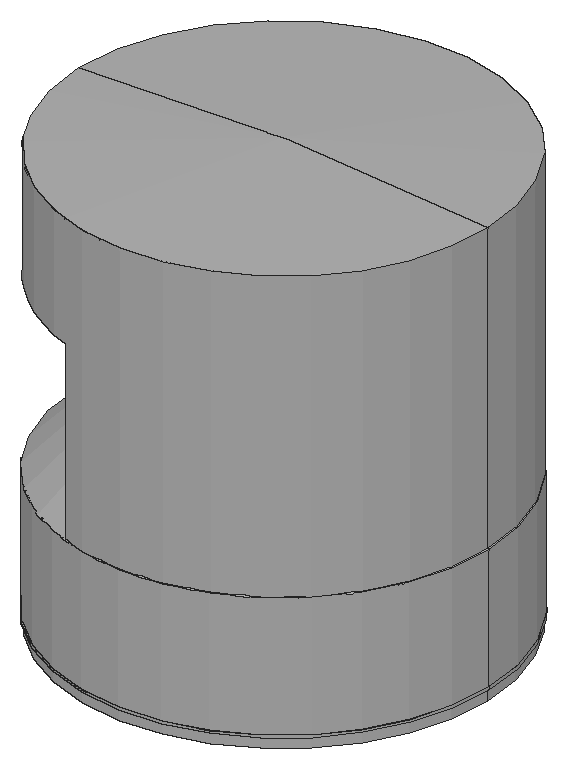
Revit family "Platek_Menhir_1_Opening", category Apparecchi per illuminazione, Revit 2017
Family settings
  Quota connettore circolare = Usa diametro
  Tipo di parte = Normale
  Basato su piano di lavoro = Sì
  Sempre verticale = No
  Taglio con vuoti quando caricato = No
  Sorgente d'illuminazione = Sì
  Condiviso = Sì
  Punto di calcolo locali = No
Parameters (values of type "4032611_15,3W_LED_3000K_H200mm")
  Wattage = 3.43337 W
  Variazione temperatura colore lampada con luminosità attenuata = <Nessuno>
  URL = "www.platek.eu"
  built-in parameter 1150107 = 3000 (stored number, unit not read)
  Supply Voltage Min = 220 V
  Supply Voltage Max = 240 V
  Supply Voltage = 230 V
  Rendi la forma visibile nel rendering = no
  Prospetto di default = 1219.200 mm
  Produttore = "PLATEK SRL"  # constant formula
  Product Page URL = "http://www.platek.eu/eng/catalogo.php?catseaname=menhir"
  Product Documentation Link = "http://www.platek.eu/eng/catalogo.php?catseaname=menhir"
  Product Dimension = "D200mm x H200mm"
  Power Supply Unit = "Included"
  built-in parameter 1150110 = 1 (stored number, unit not read)
  built-in parameter 1150109 = 1 (stored number, unit not read)
  built-in parameter 1114218 = 1 (stored number, unit not read)
  built-in parameter 1150112 = 1 (stored number, unit not read)
  PLATEK FInishes = "Painted Aluminium Avalaible in Anthracite/Black/White/Corten/Bronze"
  PLATEK Article Code = "4032611"
  Nota chiave = "Other Led colors available on request"
  Mounting Type = "Ground"
  Modello = "MENHIR"  # constant formula
  built-in parameter 1150137 = (empty or 0)
  built-in parameter 1150132 = 2
  Manufacturer Comment = "5mm Thick PMMA"
  Luminaire Wattage = 15.3 W
  Luminaire Luminous Intensity = 389 cd
  Luminaire Luminous Flux = 510 lm
  Light Source = PLK_Light Source
  Lampada = "LED"
  LED Protection = "Surge protection included"
  built-in parameter 1150105 = 389.03 (stored number, unit not read)
  built-in parameter 1150102 = (empty or 0)
  Insulation Class = "1"
  Immagine tipo = menhir_led_dim1.jpg
  built-in parameter 1150106 = 3.8903 (stored number, unit not read)
  IP Rating = "IP65"
  IK Rating = "IK08"
  Height = if(Height200, 210.000 mm, if(Height620, 620.000 mm, if(Height1050, 1050.000 mm, 210.000 mm)))  # 210.000 mm
  Height620 = no
  Height200 = yes
  Height1050 = no
  Frequency = "50/60 Hz"
  Lumens = 510 lm
  Color Filter = 16777215
  File diagramma fotometrico = "4032611.IES"
  built-in parameter 1114217 = 1 (stored number, unit not read)
  built-in parameter 1150139 = (empty or 0)
  Energy Efficiency Rating = "A/A+/A++"
  Emit from Circle Diameter = 1.000 mm
  built-in parameter 1150104 = 13.8 (stored number, unit not read)
  built-in parameter 1150115 = 1 (stored number, unit not read)
  built-in parameter 1150114 = 1 (stored number, unit not read)
  Emetti da diametro cerchio = 304.800 mm
  Dimmable = "No"
  Diffuse Type = "PMMA"
  Descrizione = "Outdoor Lighting, Floor/Ground Illumination"
  Commenti sul tipo = "Pedestrian areas, Urban zones, Paths, Roads"
  Colour Temperature = 3000 K
  built-in parameter 1150134 = (empty or 0)
  built-in parameter 1150138 = (empty or 0)
  Codice assieme = "4032611.06(Grey); 4032611.08(Anthracite); 4032611.01(Black); 4032611.02(White); 4032611.07(Corten); 4032611.09(Bronze)"
  Apparent Load = 0 VA
  Cable Lenght = "Ø4,5÷10mm"
  CRI = ">80"
  Body = PLK_Grey
  Beam Angle = 0.00°
  Angolo inclinazione = 45.00°
  Aluminium = PLK_Aluminium
  built-in parameter 1150133 = 10 (stored number, unit not read)
Types (4, lengths in mm): name | Wattage | Product Dimension | PLATEK Article Code | Manufacturer Comment | Luminaire Wattage | Luminaire Luminous Intensity | Luminaire Luminous Flux | built-in parameter 1150105 | Immagine tipo | built-in parameter 1150106 | Height | Height620 | Height200 | Height1050 | Lumens | File diagramma fotometrico | Codice assieme | Cable Lenght | Angolo inclinazione | Aluminium
  (no name) | 3.43337 W | "D200mm x H200mm" | "4032611" | "5mm Thick PMMA" | 15.3 W | 389 cd | 510 lm | 389.03 (stored number, unit not read) | menhir_led_dim1.jpg | 3.8903 (stored number, unit not read) | 210.000 | no | yes | no | 510 lm | "4032611.IES" | "4032611.06(Grey); 4032611.08(Anthracite); 4032611.01(Black); 4032611.02(White); 4032611.07(Corten); 4032611.09(Bronze)" | "Ø4,5÷10mm" | 45.00° | PLK_Aluminium
  4032611_15,3W_LED_3000K_H200mm | 3.43337 W | "D200mm x H200mm" | "4032611" | "5mm Thick PMMA" | 15.3 W | 389 cd | 510 lm | 389.03 (stored number, unit not read) | menhir_led_dim1.jpg | 3.8903 (stored number, unit not read) | 210.000 | no | yes | no | 510 lm | "4032611.IES" | "4032611.06(Grey); 4032611.08(Anthracite); 4032611.01(Black); 4032611.02(White); 4032611.07(Corten); 4032611.09(Bronze)" | "Ø4,5÷10mm" | 45.00° | PLK_Aluminium
  4052611_20,3W_LED_3000K_H620mm | 5.21738 W | "D200mm x H620mm" | "4052611" | "4mmThick PMMA" | 20.3 W | 591 cd | 775 lm | 61.673 (stored number, unit not read) | menhir_led_dim2.jpg | 0.61673 (stored number, unit not read) | 620.000 | yes | no | no | 775 lm | "4052611.IES" | "4052611.06(Grey); 4052611.08(Anthracite); 4052611.01(Black); 4052611.02(White); 4052611.07(Corten); 4052611.09(Bronze)" | "1m (3x1mm^2)" | 90.00° | PLK_Light Source
  4082611_40,2W_LED_3000K_H1050mm | 9.64711 W | "D200mm x H1050mm" | "4082611" | "4mm Thick PMMA" | 40.2 W | 1093 cd | 1433 lm | 114.03 (stored number, unit not read) | menhir_led_dim3.jpg | 1.1403 (stored number, unit not read) | 1050.000 | no | no | yes | 1433 lm | "4082611.IES" | "4082611.06(Grey); 4082611.08(Anthracite); 4082611.01(Black); 4082611.02(White); 4082611.07(Corten); 4082611.09(Bronze)" | "1,5m (3x1mm^2)" | 90.00° | PLK_Aluminium
Reference planes
  plane 1 "Centro (Fronte/Retro)": y = 0
  plane 2: z = 126.63
  plane 3 "Centro (Sinistra/Destra)": x = 0
  plane 4: x = -100
  plane 5: x = 100
  plane 6: x = -99.175
  plane 7: x = 99.175
  plane 8: z = 131.63
  plane 9: z = 132.785
  plane 10: z = 277.785
  plane 11: z = 212.285
  plane 12: z = 192.491
  plane 13: z = 336.63
  plane 14: y = -73
  plane 15: y = 73
  plane 16: z = 272.785
  plane 17: x = 80
  plane 18: x = -80
  plane 19: x = -5
  plane 20: x = -75
Forms (mm)
  Extrusion 1, solid, material "PLK_Grey" <- "Body", detail levels fine
    sketch origin (0, 0, 1892.5) x (-1, 0, 0) y (0, -1, 0)
      loop
        circle (0, 0) r 99.175
    from -1765.87 to -1760.87
  Extrusion 2, solid, material "PLK_Grey" <- "Body", detail levels fine
    sketch origin (0, 0, 1892.5) x (-1, 0, 0) y (0, -1, 0)
      loop
        circle (0, 0) r 100
    from -1760.87 to -1759.715
  Revolve 3, solid, material "PLK_Grey" <- "Body", detail levels fine
    sketch origin (0, 0, 0.191) x (1, 0, 0) y (0, 0, 1)
      loop
        line (-29.988, 212.095) -> (-80, 212.095) -> (-99.794, 192.301) -> (-99.794, 132.595) -> (0, 132.595) -> (0, 212.095) -> (-29.988, 212.095)
      axis (0, 212.095) -> (0, 132.595)
    angle from 0 to 360
  Revolve 4, solid, material "PLK_Grey" <- "Body", detail levels fine
    sketch origin (0, 0, 0) x (1, 0, 0) y (0, 0, 1)
      loop
        line (0, 336.63) -> (-99.175, 332.083) -> (-99.175, 192.491) -> (0, 192.491) -> (0, 336.63)
      axis (0, 336.63) -> (0, 192.491)
    angle from 0 to 360
  Extrusion 5, void
    sketch origin (0, 0, 0) x (1, 0, 0) y (0, 0, 1)
      loop
        line (-29.92, 277.785) -> (-100, 277.785) -> (-100, 192.491) -> (-29.92, 192.491) -> (-29.92, 277.785)
    from -104.709 to 105.984
  Extrusion 6, void
    sketch origin (0, 0, 1892.5) x (-1, 0, 0) y (0, -1, 0)
      loop
        circle (0, 0) r 80
    from -1680.215 to -1614.715
  Revolve 7, solid, material "PLK_Aluminium" <- "Aluminium", detail levels fine
    sketch origin (0, 0, 0) x (1, 0, 0) y (0, 0, 1)
      loop
        line (0, 272.785) -> (-5, 272.785) -> (-75, 212.285) -> (0, 212.285) -> (0, 272.785)
      axis (0, 272.785) -> (0, 212.285)
    angle from 0 to 360
  Revolve 8, solid, material "PLK_Light Source" <- "Light Source", detail levels fine
    sketch origin (0, 0, 0) x (1, 0, 0) y (0, 0, 1)
      loop
        line (-80, 212.285) -> (-75, 212.285) -> (-75, 277.785) -> (-80, 277.785) -> (-80, 212.285)
      axis (0, 277.785) -> (0, 212.285)
    angle from 0 to 360
  Extrusion 9, solid, material "PLK_Grey" <- "Body", detail levels medium
    sketch origin (0, 0, 1892.5) x (-1, 0, 0) y (0, -1, 0)
      loop
        circle (0, 0) r 100
    from -1765.87 to -1759.715
  Extrusion 10, solid, material "PLK_Grey" <- "Body", detail levels medium
    sketch origin (0, 0, 1892.5) x (-1, 0, 0) y (0, -1, 0)
      loop
        circle (0, 0) r 100
    from -1759.715 to -1700.009
  Extrusion 11, solid, material "PLK_Grey" <- "Body", detail levels medium
    sketch origin (0, 0, 1892.5) x (-1, 0, 0) y (0, -1, 0)
      loop
        circle (0, 0) r 100
    from -1700.009 to -1555.87
  Extrusion 12, solid, material "PLK_Grey" <- "Body", detail levels coarse
    sketch origin (0, 0, 1892.5) x (-1, 0, 0) y (0, -1, 0)
      loop
        circle (0, 0) r 100
    from -1765.87 to -1555.87
Cuts and joins
  Extrusion 5, Extrusion 6 cuts Revolve 4
Dimensions and locks
  equal spacing: plane 4, plane 3 "Centro (Sinistra/Destra)", plane 5, locked at 100 each
  equal spacing: plane 14, plane 1 "Centro (Fronte/Retro)", plane 15, locked at 73 each
  locked: plane 6 to plane 4 at 0.825
  locked: plane 18 to plane 6 at 19.175
  locked: plane 20 to plane 18 at 5
  locked: plane 19 to plane 20 at 70
  locked: plane 3 "Centro (Sinistra/Destra)" to plane 19 at 5
  locked: plane 17 to plane 3 "Centro (Sinistra/Destra)" at 80
  locked: plane 7 to plane 17 at 19.175
  plane 5 to plane 7 = 0.825 mm
  locked: plane 8 to level at 5
  plane 9 to plane 8 = 1.156 mm
  locked: plane 12 to plane 9 at 59.706
  locked: plane 11 to plane 12 at 19.794
  locked: plane 16 to plane 11 at 60.5
  locked: plane 10 to plane 16 at 5
  locked: plane 13 to plane 10 at 58.844
  "Height": plane 13 to level
  radius of Extrusion 1 sketch curve = 99.175 mm
  radius of Extrusion 2 sketch curve = 100.000 mm
  radius of Extrusion 6 sketch curve = 80.000 mm
  radius of Extrusion 9 sketch curve = 100.000 mm
  radius of Extrusion 10 sketch curve = 100.000 mm
  radius of Extrusion 11 sketch curve = 100.000 mm
  radius of Extrusion 12 sketch curve = 100.000 mm
  aligned and locked: level to plane 2
  aligned and locked: Extrusion 1 to level
  aligned and locked: plane 8 to Extrusion 1
  aligned and locked: Extrusion 2 to plane 8
  aligned and locked: plane 9 to Extrusion 2
  aligned and locked: Revolve 3 sketch curve to plane 3 "Centro (Sinistra/Destra)"
  aligned and locked: Revolve 4 sketch curve to plane 3 "Centro (Sinistra/Destra)"
  aligned and locked: plane 12 to Revolve 3
  aligned and locked: Revolve 4 to plane 12
  aligned and locked: plane 10 to Extrusion 5 sketch curve
  aligned and locked: Extrusion 5 sketch curve to plane 12
  aligned and locked: Extrusion 5 sketch curve to plane 4
  aligned and locked: plane 11 to Extrusion 6
  aligned and locked: plane 10 to Extrusion 6
  aligned and locked: Revolve 7 sketch curve to plane 3 "Centro (Sinistra/Destra)"
  aligned and locked: Revolve 8 sketch curve to Revolve 3
  aligned and locked: plane 10 to Revolve 8 sketch curve
  aligned and locked: plane 20 to Revolve 8 sketch curve
  aligned and locked: Revolve 8 sketch curve to plane 3 "Centro (Sinistra/Destra)"
  aligned and locked: plane 11 to Revolve 3
  aligned and locked: Revolve 3 to plane 9
  aligned and locked: plane 11 to Revolve 7
  aligned and locked: Revolve 7 to plane 16
  aligned and locked: plane 11 to Revolve 8
  aligned and locked: Extrusion 9 to level
  aligned and locked: plane 9 to Extrusion 9
  aligned and locked: Extrusion 10 to plane 9
  aligned and locked: plane 12 to Extrusion 10
  aligned and locked: Extrusion 11 to plane 12
  aligned and locked: plane 13 to Extrusion 11
  aligned and locked: Extrusion 12 to level
  aligned and locked: plane 13 to Extrusion 12
  aligned and locked: imposter light to plane 4
  aligned and locked: plane 1 "Centro (Fronte/Retro)" to imposter light
  aligned and locked: imposter light to plane 10
Automatic sketch dimensions
  plane 1 "Centro (Fronte/Retro)" to Extrusion 1 sketch curve = 0.000 mm
  Extrusion 1 sketch curve to plane 3 "Centro (Sinistra/Destra)" = 0.000 mm
  plane 1 "Centro (Fronte/Retro)" to Extrusion 2 sketch curve = 0.000 mm
  Extrusion 2 sketch curve to plane 3 "Centro (Sinistra/Destra)" = 0.000 mm
  Revolve 3 sketch curve to plane 9 = 0.000 mm
  Revolve 3 sketch curve to plane 12 = 0.000 mm
  Revolve 3 sketch curve to plane 11 = 0.000 mm
  Revolve 3 sketch curve to plane 18 = 0.000 mm
  Revolve 3 sketch curve to plane 3 "Centro (Sinistra/Destra)" = 0.000 mm
  plane 4 to Revolve 3 sketch curve = 0.206 mm
  Revolve 3 sketch curve to plane 19 = 24.988 mm
  Revolve 3 sketch curve to level = 199.535 mm
  plane 13 to Revolve 3 sketch curve = 135.656 mm
  Revolve 4 sketch curve to plane 6 = 0.000 mm
  Revolve 4 sketch curve to plane 3 "Centro (Sinistra/Destra)" = 0.000 mm
  Revolve 4 sketch curve to plane 12 = 0.000 mm
  Revolve 4 sketch curve to plane 13 = 0.000 mm
  Revolve 4 sketch curve to plane 13 = 4.547 mm
  Revolve 4 sketch curve to plane 12 = 17.550 mm
  Revolve 4 sketch curve to Revolve 4 sketch curve = 23.312 mm
  plane 1 "Centro (Fronte/Retro)" to Extrusion 6 sketch curve = 0.000 mm
  Extrusion 6 sketch curve to plane 3 "Centro (Sinistra/Destra)" = 0.000 mm
  Revolve 7 sketch curve to plane 11 = 0.000 mm
  Revolve 7 sketch curve to plane 20 = 0.000 mm
  Revolve 7 sketch curve to plane 16 = 0.000 mm
  Revolve 7 sketch curve to plane 19 = 0.000 mm
  Revolve 7 sketch curve to plane 3 "Centro (Sinistra/Destra)" = 0.000 mm
  Revolve 7 sketch curve to level = 185.400 mm
  plane 13 to Revolve 7 sketch curve = 124.790 mm
  Revolve 8 sketch curve to plane 11 = 0.000 mm
  Revolve 8 sketch curve to level = 29.035 mm
  plane 13 to Revolve 8 sketch curve = 41.156 mm
  plane 1 "Centro (Fronte/Retro)" to Extrusion 9 sketch curve = 0.000 mm
  Extrusion 9 sketch curve to plane 3 "Centro (Sinistra/Destra)" = 0.000 mm
  plane 1 "Centro (Fronte/Retro)" to Extrusion 10 sketch curve = 0.000 mm
  Extrusion 10 sketch curve to plane 3 "Centro (Sinistra/Destra)" = 0.000 mm
  plane 1 "Centro (Fronte/Retro)" to Extrusion 11 sketch curve = 0.000 mm
  Extrusion 11 sketch curve to plane 3 "Centro (Sinistra/Destra)" = 0.000 mm
  plane 1 "Centro (Fronte/Retro)" to Extrusion 12 sketch curve = 0.000 mm
  Extrusion 12 sketch curve to plane 3 "Centro (Sinistra/Destra)" = 0.000 mm
  Extrusion 5 sketch curve to plane 19 = 24.920 mm
Connectors
  electrical at (0, 0, 126.63)
    settings: on Extrusion 1, index 1, voltage 0 V, apparent load 0 VA, apparent load phase1 0 VA, apparent load phase2 0 VA, apparent load phase3 0 VA, power factor 1, load classification "Altro", number of poles 1, system type 31, power factor state 1, is connector primary yes, connector utility no, sub classification motor no, connector description ""
